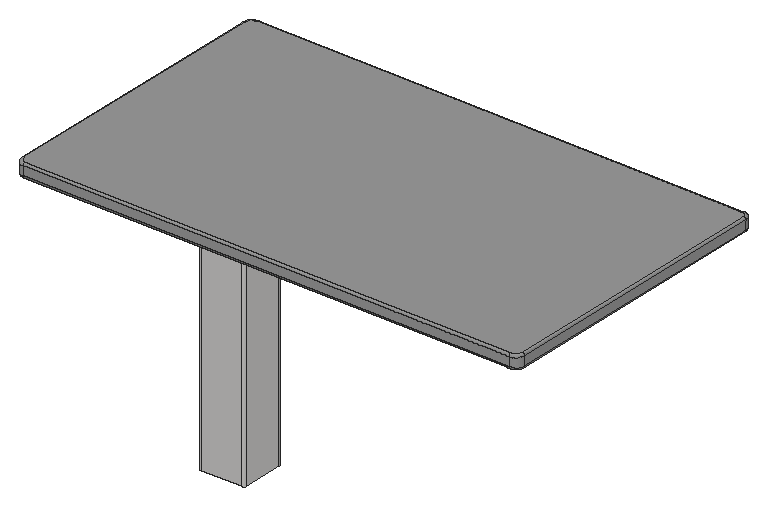
Revit family "Приставка к столу руководителя Юнитекс ПТ", category Оборудование, Revit 2017
Family settings
  Размер круглого соединителя = Использовать диаметр
  Тип детали = Нормальный
  На основе рабочей плоскости = Нет
  Всегда вертикально = Да
  При загрузке вырезать с полостями = Нет
  Общий = Нет
  Точка расчета площади = Нет
Parameters (values of type "1200х700х720")
  Общ_Ширина = 1200.0 mm
  Общ_Тип, марка = "ПТ 447"
  Общ_Примечание = ""
  Общ_Поставщик = "Юнитекс"
  Общ_Позиция = ""
  Общ_Наименование = "Брифинг-приставка к столу"
  Общ_Масса = ""
  Общ_Код продукции = ""
  Общ_Единицы измерения = "шт."
  Общ_Глубина = 700.0 mm
  Общ_Высота = 720.0 mm
  Keynote = ""
  Manufacturer = ""
  Model = ""
Types (3, lengths in mm): name | Общ_Ширина | Общ_Тип, марка | Общ_Код продукции | Manufacturer
  1400x700x720 | 1400.0 | "ПТ 446" | "" | "Severin"
  1200х700х720 | 1200.0 | "ПТ 447" | "" | ""
  800х700х720 | 800.0 | "ПТ 445" | "-" | ""
Reference planes
  plane 1 "По центру (Вперед/Назад)": y = 0
  plane 2: z = 0
  plane 3 "По центру (Влево/Вправо)": x = 0
  plane 4: x = -600
  plane 5: x = 600
  plane 6: y = 350
  plane 7: y = -350
  plane 8: z = 720
  plane 9: z = 688
  plane 10: x = -580
  plane 11: x = 580
  plane 12: z = 658
  plane 13: y = 260
  plane 14: y = 245
  plane 15: y = -260
  plane 16: y = -245
  plane 17: z = 87.14
Forms (mm)
  Sweep 1, solid, material "ЛДСП", detail levels medium+fine
    path origin (0, 0, 0) x (1, 0, 0) y (0, 1, 0)
      loop
        line (-600, 330.307) -> (-600, -330.307)
        arc (-600, -330.307) -> (-594.232, -344.232) -> (-580.307, -350) r 19.693
        line (-580.307, -350) -> (580.307, -350)
        arc (580.307, -350) -> (594.232, -344.232) -> (600, -330.307) r 19.693
        line (600, -330.307) -> (600, 330.307)
        arc (600, 330.307) -> (594.232, 344.232) -> (580.307, 350) r 19.693
        line (580.307, 350) -> (-580.307, 350)
        arc (-580.307, 350) -> (-594.232, 344.232) -> (-600, 330.307) r 19.693
    profile origin (-600, 0, 0) x (1, 0, 0) y (0, 0, 1)
      loop
        line (0, 715) -> (0, 693)
        arc (0, 693) -> (1.464, 689.464) -> (5, 688) r 5
        line (5, 688) -> (5, 720)
        arc (5, 720) -> (1.464, 718.536) -> (0, 715) r 5
  Extrusion 2, solid, material "ЛДСП", detail levels medium+fine
    sketch origin (0, 0, 0) x (1, 0, 0) y (0, 1, 0)
      loop
        arc (-595, -330.307) -> (-590.696, -340.696) -> (-580.307, -345) r 14.693
        line (-580.307, -345) -> (580.307, -345)
        arc (580.307, -345) -> (590.696, -340.696) -> (595, -330.307) r 14.693
        line (595, -330.307) -> (595, 330.307)
        arc (595, 330.307) -> (590.696, 340.696) -> (580.307, 345) r 14.693
        line (580.307, 345) -> (-580.307, 345)
        arc (-580.307, 345) -> (-590.696, 340.696) -> (-595, 330.307) r 14.693
        line (-595, 330.307) -> (-595, -330.307)
    from 688 to 720
  Extrusion 3, solid, material "Нержавеющая сталь", detail levels medium+fine
    sketch origin (0, 0, 0) x (1, 0, 0) y (0, 1, 0)
      loop
        arc (-391.587, 55) -> (-396.479, 52.973) -> (-398.506, 48.081) r 6.919
        line (-398.506, 48.081) -> (-398.506, -48.081)
        arc (-398.506, -48.081) -> (-396.479, -52.973) -> (-391.587, -55) r 6.919
        line (-391.587, -55) -> (-295.425, -55)
        arc (-295.425, -55) -> (-290.532, -52.973) -> (-288.506, -48.081) r 6.919
        line (-288.506, -48.081) -> (-288.506, 48.081)
        arc (-288.506, 48.081) -> (-290.532, 52.973) -> (-295.425, 55) r 6.919
        line (-295.425, 55) -> (-391.587, 55)
    from 0 to 688
Cuts and joins
  joined: Sweep 1, Extrusion 2
Lines and regions (mm)
  symbolic lines, detail levels coarse+medium
    curve 1: line (600, -350, 0) -> (-600, -350, 0)
    curve 2: line (600, 350, 0) -> (600, -350, 0)
    curve 3: line (-600, 350, 0) -> (600, 350, 0)
    curve 4: line (-600, -350, 0) -> (-600, 350, 0)
    curve 5: line (-600, -350, 0) -> (600, 350, 0)
Dimensions and locks
  equal spacing: plane 4, plane 3 "По центру (Влево/Вправо)", plane 5
  "Общ_Ширина": plane 4 to plane 5
  equal spacing: plane 6, plane 1 "По центру (Вперед/Назад)", plane 7
  "Общ_Глубина": plane 6 to plane 7
  "Общ_Высота": plane 8 to plane 2
  locked: plane 8 to plane 9 at 32
  plane 5 to plane 11 = 20.0 mm
  plane 10 to plane 4 = 20.0 mm
  locked: plane 9 to plane 12 at 30
  locked: curve 4 to Extrusion 3 at 201.494
  curve 4 to Extrusion 3 = 311.494 mm
  aligned and locked: level to plane 2
  aligned and locked: Sweep 1 sketch curve to plane 4
  aligned and locked: Sweep 1 sketch curve to plane 6
  aligned and locked: Sweep 1 sketch curve to plane 7
  aligned and locked: Sweep 1 sketch curve to plane 5
  aligned and locked: Extrusion 2 sketch curve to Sweep 1
  aligned and locked: plane 8 to Extrusion 2
  aligned and locked: Extrusion 2 to plane 9
  aligned and locked: cut or joined group of Sweep 1, Extrusion 2 to plane 8
  aligned and locked: plane 9 to Extrusion 3
Automatic sketch dimensions
  Sweep 1 sketch curve to plane 10 = 0.307 mm  (x2)
  plane 11 to Sweep 1 sketch curve = 0.307 mm  (x2)
  profile plane to Sweep 1 sketch curve = 0.0 mm
  Sweep 1 sketch curve to profile plane = 5.0 mm
  level to Sweep 1 sketch curve = 688.0 mm
  Sweep 1 sketch curve to Sweep 1 sketch curve = 22.0 mm
  Extrusion 2 sketch curve to plane 10 = 0.307 mm
  plane 11 to Extrusion 2 sketch curve = 0.307 mm  (x2)
  Extrusion 2 sketch curve to plane 5 = 5.0 mm
  plane 7 to Extrusion 2 sketch curve = 19.693 mm
  Extrusion 3 sketch curve to Extrusion 3 sketch curve = 6.919 mm  (x3)
  Extrusion 3 sketch curve to Extrusion 3 sketch curve = 96.162 mm
  plane 1 "По центру (Вперед/Назад)" to Extrusion 3 sketch curve = 48.081 mm
  Extrusion 3 sketch curve to Extrusion 3 sketch curve = 0.0 mm
  Extrusion 3 sketch curve to plane 1 "По центру (Вперед/Назад)" = 48.081 mm
  plane 10 to Extrusion 3 sketch curve = 181.494 mm
  curve 5 to plane 5 = 0.0 mm
  curve 5 to plane 7 = 0.0 mm
  curve 2 to plane 6 = 0.0 mm
